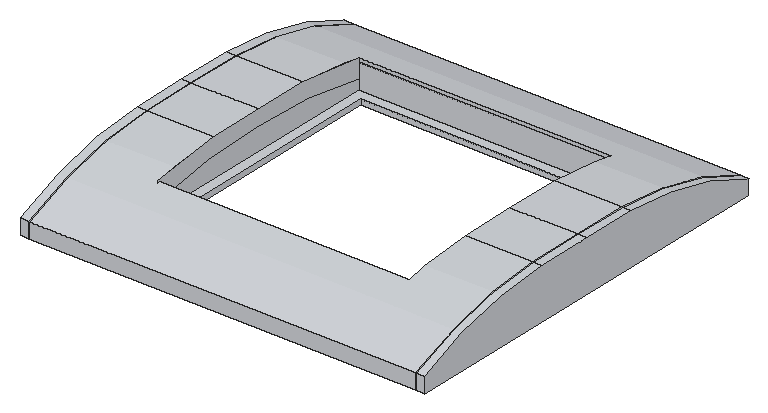
Revit family "Gira_100285", category Electrical Fixtures, host Face, Revit 2017
Family settings
  Host = Face
  Maintain Annotation Orientation = No
  Round Connector Dimension = Use Diameter
  Part Type = Normal
  Cut with Voids When Loaded = No
  Shared = No
  Room Calculation Point = No
Parameters (values of type "Abdeckrahmen 2f o.M. Zwischenr. AN Gira Event Opak Mint")
  Werkstoffgüte = "Thermoplast"
  Werkstoff = "Kunststoff"
  URL = "http://katalog.gira.de/de_DE/datenblatt.html?artikelnr=100285"
  Transparent = "No"
  Textfeld/Beschriftungsfläche = "No"
  Schutzart (IP) = "IP20"
  Region = "DE"
  Oberfläche = "sonstige"
  Name = "Abdeckrahmen 2f o.M. Zwischenr. AN Gira Event Opak Mint"
  Montagerichtung = "horizontal und vertikal"
  Mit Montagerahmen = "No"
  Mit Klappdeckel = "No"
  Manufacturer URL = "https://www.gira.de/"
  Keynote = "Event_Rahmen_2fach o.Mittelsteg"
  HeinzeBIM = "https://bimportal.heinze.de/bim/abdeckrahmen-2f-o-m-zwischenr-an-gira-event-opak-mint/95e6842771b0b3b41c0422442dc9fccbdfaf1a92"
  Halogenfrei = "Yes"
  HAN = "100285"
  Geeignet für Unterputz-Installation = "Yes"
  Geeignet für Unterflurkanaldose = "No"
  Geeignet für Geräteeinbaukanal = "No"
  Geeignet für Einbauinstallation = "No"
  GTIN = "4010337002857"
  Farbe = "grün"
  Default Elevation = 1219.2 mm
  Data sheet (1) = "https://katalog.gira.de/de_DE/download.html?artikelnr=100285"
  Category = "Abdeckrahmen"
  Befestigungsart = "Klemmbefestigung"
  Available = "Yes"
  Anzahl der Einheiten vertikal = "2 "
  Anzahl der Einheiten horizontal = "2 "
  Anzahl der Einheiten = "2 "
Reference planes
  plane 1 "Center (Front/Back)": y = 0
  plane 2: z = 0
  plane 3 "Center (Left/Right)": x = 0
Forms (mm)
  Extrusion 1, solid, detail levels fine
    sketch origin (0, 0, 1.55) x (0, 1, 0) y (0, 0, 1)
      loop
        arc (12.445, 9.683) -> (6.223, 9.833) -> (0, 9.85) r 291.636
        arc (0, 9.85) -> (-6.223, 9.833) -> (-12.445, 9.683) r 291.636
        arc (-12.445, 9.683) -> (-29.14, 7.482) -> (-45, 1.823) r 79.728
        line (-45, 1.823) -> (-45, -1.55) -> (-41.777, -1.55) -> (-41.777, -0.55)
        arc (-41.777, -0.55) -> (-21.205, 4.846) -> (0, 6.467) r 118.15
        arc (0, 6.467) -> (21.205, 4.846) -> (41.777, -0.55) r 118.15
        line (41.777, -0.55) -> (41.777, -1.55) -> (45, -1.55) -> (45, 1.823)
        arc (45, 1.823) -> (29.14, 7.482) -> (12.445, 9.683) r 79.728
    from -43 to 43
  Extrusion 2, void, detail levels fine
    sketch origin (0, 0, 0) x (1, 0, 0) y (0, 1, 0)
      loop
        line (-28, -28) -> (28, -28) -> (28, 28) -> (-28, 28) -> (-28, -28)
    from 2.85 to 12
  Extrusion 3, solid, detail levels coarse
    sketch origin (0, 0, 0) x (1, 0, 0) y (0, 1, 0)
      loop
        line (-45, 45) -> (-45, -45) -> (45, -45) -> (45, 45) -> (-45, 45)
    from 0 to 11.4
  Extrusion 4, solid, detail levels medium
    sketch origin (0, 0, 1.55) x (0, 1, 0) y (0, 0, 1)
      loop
        arc (12.445, 9.683) -> (6.223, 9.833) -> (0, 9.85) r 291.636
        arc (0, 9.85) -> (-6.223, 9.833) -> (-12.445, 9.683) r 291.636
        arc (-12.445, 9.683) -> (-29.14, 7.482) -> (-45, 1.823) r 79.728
        line (-45, 1.823) -> (-45, -1.55) -> (45, -1.55) -> (45, 1.823)
        arc (45, 1.823) -> (29.14, 7.482) -> (12.445, 9.683) r 79.728
    from -45 to 45
  Extrusion 5, solid, detail levels fine
    sketch origin (0, 0, 0) x (0, 1, 0) y (0, 0, 1)
      loop
        arc (45, 3.373) -> (29.14, 9.032) -> (12.445, 11.233) r 79.728
        arc (12.445, 11.233) -> (6.223, 11.383) -> (0, 11.4) r 291.636
        arc (0, 11.4) -> (-6.223, 11.383) -> (-12.445, 11.233) r 291.636
        arc (-12.445, 11.233) -> (-29.14, 9.032) -> (-45, 3.373) r 79.728
        line (-45, 3.373) -> (-45, 0) -> (45, 0) -> (45, 3.373)
    from 43 to 45
  Extrusion 6, solid, detail levels fine
    sketch origin (0, 0, 0) x (0, 1, 0) y (0, 0, -1)
      loop
        line (45, -3.373) -> (45, 0) -> (-45, 0) -> (-45, -3.373)
        arc (-45, -3.373) -> (-29.14, -9.032) -> (-12.445, -11.233) r 79.728
        arc (-12.445, -11.233) -> (-6.223, -11.383) -> (0, -11.4) r 291.636
        arc (0, -11.4) -> (6.223, -11.383) -> (12.445, -11.233) r 291.636
        arc (12.445, -11.233) -> (29.14, -9.032) -> (45, -3.373) r 79.728
    from 43 to 45
  Extrusion 7, solid, detail levels fine
    sketch origin (0, 0, 0) x (1, 0, 0) y (0, 1, 0)
      loop
        line (-25.7, 25.7) -> (-25.7, -25.7) -> (25.7, -25.7) -> (25.7, 25.7) -> (-25.7, 25.7)
      loop
        line (-29.495, 27.895) -> (-29.495, -27.895)
        spline (-29.495, -27.895) -> (-29.486, -28.025) -> (-29.461, -28.154) -> (-29.419, -28.278) -> (-29.361, -28.395) -> (-29.288, -28.504) -> (-29.202, -28.602) -> (-29.104, -28.688) -> (-28.995, -28.761) -> (-28.878, -28.819) -> (-28.754, -28.861) -> (-28.625, -28.886) -> (-28.495, -28.895)
        line (-28.495, -28.895) -> (28.495, -28.895)
        spline (28.495, -28.895) -> (28.625, -28.886) -> (28.754, -28.861) -> (28.878, -28.819) -> (28.995, -28.761) -> (29.104, -28.688) -> (29.202, -28.602) -> (29.288, -28.504) -> (29.361, -28.395) -> (29.419, -28.278) -> (29.461, -28.154) -> (29.486, -28.025) -> (29.495, -27.895)
        line (29.495, -27.895) -> (29.495, 27.895)
        spline (29.495, 27.895) -> (29.486, 28.025) -> (29.461, 28.154) -> (29.419, 28.278) -> (29.361, 28.395) -> (29.288, 28.504) -> (29.202, 28.602) -> (29.104, 28.688) -> (28.995, 28.761) -> (28.878, 28.819) -> (28.754, 28.861) -> (28.625, 28.886) -> (28.495, 28.895)
        line (28.495, 28.895) -> (-28.495, 28.895)
        spline (-28.495, 28.895) -> (-28.625, 28.886) -> (-28.754, 28.861) -> (-28.878, 28.819) -> (-28.995, 28.761) -> (-29.104, 28.688) -> (-29.202, 28.602) -> (-29.288, 28.504) -> (-29.361, 28.395) -> (-29.419, 28.278) -> (-29.461, 28.154) -> (-29.486, 28.025) -> (-29.495, 27.895)
    from 1.673 to 8.5
Cuts and joins
  Extrusion 2 cuts Extrusion 1
  Extrusion 2 cuts Extrusion 7
Dimensions and locks
  aligned and locked: plane 2 to host face
  aligned and locked: level to host face
